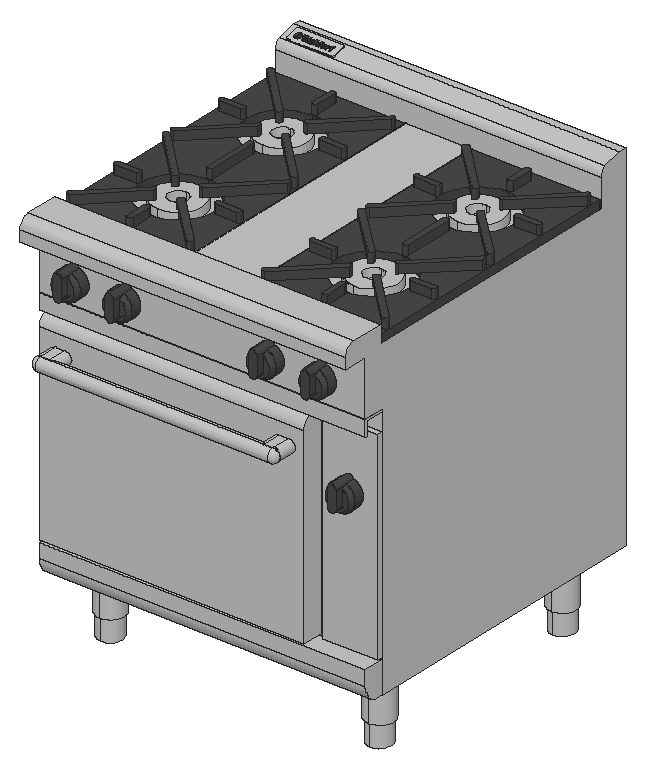
Revit family "QF_MOFFAT WALDORF_RNL8510GC", category Specialty Equipment, Revit 2012 (continued)
Lines and regions (mm)
  symbolic lines
    curve 162: arc (327.576, -583.037, 0) -> (319.576, -591.037, 0) -> (327.576, -599.037, 0) r 8
    curve 163: arc (375, -599.037, 0) -> (383, -591.037, 0) -> (375, -583.037, 0) r 8
    curve 164: arc (375, -583.037, 0) -> (367, -591.037, 0) -> (375, -599.037, 0) r 8
    curve 165: arc (422.424, -599.037, 0) -> (430.424, -591.037, 0) -> (422.424, -583.037, 0) r 8
    curve 166: arc (422.424, -583.037, 0) -> (414.424, -591.037, 0) -> (422.424, -599.037, 0) r 8
    curve 167: arc (327.576, -633.037, 0) -> (335.576, -625.037, 0) -> (327.576, -617.037, 0) r 8
    curve 168: arc (327.576, -617.037, 0) -> (319.576, -625.037, 0) -> (327.576, -633.037, 0) r 8
    curve 169: arc (375, -633.037, 0) -> (383, -625.037, 0) -> (375, -617.037, 0) r 8
    curve 170: arc (375, -617.037, 0) -> (367, -625.037, 0) -> (375, -633.037, 0) r 8
    curve 171: arc (422.424, -633.037, 0) -> (430.424, -625.037, 0) -> (422.424, -617.037, 0) r 8
    curve 172: arc (422.424, -617.037, 0) -> (414.424, -625.037, 0) -> (422.424, -633.037, 0) r 8
    curve 173: arc (327.576, -667.037, 0) -> (335.576, -659.037, 0) -> (327.576, -651.037, 0) r 8
    curve 174: arc (327.576, -651.037, 0) -> (319.576, -659.037, 0) -> (327.576, -667.037, 0) r 8
    curve 175: arc (375, -667.037, 0) -> (383, -659.037, 0) -> (375, -651.037, 0) r 8
    curve 176: arc (375, -651.037, 0) -> (367, -659.037, 0) -> (375, -667.037, 0) r 8
    curve 177: arc (422.424, -667.037, 0) -> (430.424, -659.037, 0) -> (422.424, -651.037, 0) r 8
    curve 178: arc (422.424, -651.037, 0) -> (414.424, -659.037, 0) -> (422.424, -667.037, 0) r 8
    curve 179: arc (600, -180.5, 0) -> (657, -237.5, 0) -> (600, -294.5, 0) r 57
    curve 180: arc (600, -294.5, 0) -> (543, -237.5, 0) -> (600, -180.5, 0) r 57
    curve 181: arc (600, -480.5, 0) -> (657, -537.5, 0) -> (600, -594.5, 0) r 57
    curve 182: arc (600, -594.5, 0) -> (543, -537.5, 0) -> (600, -480.5, 0) r 57
    curve 183: line (744.158, -93.966, 0) -> (628.964, -209.16, 0)
    curve 184: line (599.967, -91.33, 0) -> (599.967, -152.5, 0)
    curve 185: line (745.74, -237.366, 0) -> (685.74, -237.366, 0)
    curve 186: line (628.879, -265.113, 0) -> (743.415, -379.648, 0)
    curve 187: line (572.204, -265.64, 0) -> (462.603, -375.241, 0)
    curve 188: line (573.212, -209.684, 0) -> (463.528, -100, 0)
    curve 189: line (744.158, -681.034, 0) -> (628.964, -565.84, 0)
    curve 190: line (600.012, -683.67, 0) -> (600.012, -622.768, 0)
    curve 191: line (745.74, -537.634, 0) -> (685.74, -537.634, 0)
    curve 192: line (628.879, -509.887, 0) -> (743.415, -395.352, 0)
    curve 193: line (572.204, -509.36, 0) -> (465.344, -402.5, 0)
    curve 194: line (600.012, -452.768, 0) -> (600.012, -334.397, 0)
    curve 195: line (573.212, -565.316, 0) -> (463.611, -674.918, 0)
    curve 196: line (750, -387.5, 0) -> (450, -387.5, 0)
    curve 197: line (454.26, -237.366, 0) -> (514.26, -237.366, 0)
    curve 198: line (454.26, -537.634, 0) -> (514.26, -537.634, 0)
    curve 199: line (295.74, -237.366, 0) -> (235.74, -237.366, 0)
    curve 200: line (295.74, -537.634, 0) -> (235.74, -537.634, 0)
    curve 201: line (474.555, -20.984, 0) -> (454.555, -20.984, 0)
    curve 202: line (454.555, -20.984, 0) -> (454.555, -50.782, 0)
    curve 203: line (454.555, -50.782, 0) -> (474.555, -50.782, 0)
    curve 204: line (474.555, -50.782, 0) -> (474.555, -20.984, 0)
    curve 205: line (502.184, -20.984, 0) -> (482.184, -20.984, 0)
    curve 206: line (482.184, -20.984, 0) -> (482.184, -50.782, 0)
    curve 207: line (482.184, -50.782, 0) -> (502.184, -50.782, 0)
    curve 208: line (502.184, -50.782, 0) -> (502.184, -20.984, 0)
    curve 209: line (529.599, -20.984, 0) -> (509.599, -20.984, 0)
    curve 210: line (509.599, -20.984, 0) -> (509.599, -50.782, 0)
    curve 211: line (509.599, -50.782, 0) -> (529.599, -50.782, 0)
    curve 212: line (529.599, -50.782, 0) -> (529.599, -20.984, 0)
    curve 213: line (557.014, -20.984, 0) -> (537.014, -20.984, 0)
    curve 214: line (537.014, -20.984, 0) -> (537.014, -50.782, 0)
    curve 215: line (537.014, -50.782, 0) -> (557.014, -50.782, 0)
    curve 216: line (557.014, -50.782, 0) -> (557.014, -20.984, 0)
    curve 217: line (584.429, -20.984, 0) -> (564.429, -20.984, 0)
    curve 218: line (564.429, -20.984, 0) -> (564.429, -50.782, 0)
    curve 219: line (564.429, -50.782, 0) -> (584.429, -50.782, 0)
    curve 220: line (584.429, -50.782, 0) -> (584.429, -20.984, 0)
    curve 221: line (611.843, -20.984, 0) -> (591.843, -20.984, 0)
    curve 222: line (591.843, -20.984, 0) -> (591.843, -50.782, 0)
    curve 223: line (591.843, -50.782, 0) -> (611.843, -50.782, 0)
    curve 224: line (611.843, -50.782, 0) -> (611.843, -20.984, 0)
    curve 225: line (300, -70, 0) -> (300, -704, 0)
    curve 226: line (450, -74, 0) -> (450, -701, 0)
    curve 230: arc (150.033, -152.5, 0) -> (235.033, -237.5, 0) -> (150.033, -322.5, 0) r 85
    curve 231: arc (150.033, -322.5, 0) -> (65.033, -237.5, 0) -> (150.033, -152.5, 0) r 85
    curve 232: arc (149.988, -452.768, 0) -> (234.988, -537.768, 0) -> (149.988, -622.768, 0) r 85
    curve 233: arc (149.988, -622.768, 0) -> (64.988, -537.768, 0) -> (149.988, -452.768, 0) r 85
    curve 234: arc (599.967, -322.5, 0) -> (514.967, -237.5, 0) -> (599.967, -152.5, 0) r 85
    curve 235: arc (599.967, -152.5, 0) -> (684.967, -237.5, 0) -> (599.967, -322.5, 0) r 85
    curve 236: arc (600.012, -622.768, 0) -> (515.012, -537.768, 0) -> (600.012, -452.768, 0) r 85
    curve 237: arc (600.012, -452.768, 0) -> (685.012, -537.768, 0) -> (600.012, -622.768, 0) r 85
    curve 238: arc (150, -215.5, 150) -> (172, -237.5, 150) -> (150, -259.5, 150) r 22
    curve 239: arc (150, -259.5, 150) -> (128, -237.5, 150) -> (150, -215.5, 150) r 22
    curve 240: arc (150, -515.5, 150) -> (172, -537.5, 150) -> (150, -559.5, 150) r 22
    curve 241: arc (150, -559.5, 150) -> (128, -537.5, 150) -> (150, -515.5, 150) r 22
    curve 242: arc (600, -559.5, 150) -> (578, -537.5, 150) -> (600, -515.5, 150) r 22
    curve 243: arc (600, -515.5, 150) -> (622, -537.5, 150) -> (600, -559.5, 150) r 22
    curve 244: arc (600, -259.5, 150) -> (578, -237.5, 150) -> (600, -215.5, 150) r 22
    curve 245: arc (600, -215.5, 150) -> (622, -237.5, 150) -> (600, -259.5, 150) r 22
  symbolic lines, visible <- "Show Logo"
    curve 5: line (12.5, -51.234, 0) -> (12.5, -20.958, 0)
    curve 6: line (12.5, -20.958, 0) -> (121.5, -20.958, 0)
    curve 7: line (12.5, -51.234, 0) -> (121.5, -51.234, 0)
    curve 8: line (121.5, -20.958, 0) -> (121.5, -51.234, 0)
  symbolic lines, style "QF_Door-Drawer Clearances", visible <- "Show Clearance"
    curve 227: line (0, -805, 0) -> (0, -1211.516, 0)
    curve 228: line (0, -1211.516, 0) -> (609, -1211.516, 0)
    curve 229: line (609, -1211.516, 0) -> (609, -805, 0)
Dimensions and locks
  equal spacing: plane 3 "LEFT", plane 7 "Center Y", plane 4 "RIGHT"
  plane 3 "LEFT" to plane 4 "RIGHT" = 750 mm
  equal spacing: plane 5 "FRONT", plane 8 "Center X", plane 1 "BACK"
  plane 5 "FRONT" to plane 1 "BACK" = 805 mm  (x2)
  equal spacing: plane 4 "RIGHT", plane 7 "Center Y", plane 3 "LEFT"
  plane 4 "RIGHT" to plane 3 "LEFT" = 750 mm
  plane 6 "TOP" to level = 970 mm  (x2)
  Extrusion 2 to level = 655 mm
  Extrusion 2 to plane 1 "BACK" = 32 mm
  Extrusion 1 to level = 915 mm
  plane 10 "Base Height" to level = 150 mm
  plane 6 "TOP" to plane 2 = 970 mm
  locked: plane 2 to Extrusion 1 sketch curve at 875
  locked: plane 2 to Extrusion 1 sketch curve at 915
  Extrusion 4 sketch curve to plane 11 = 64.8 mm
  locked: plane 13 to plane 4 "RIGHT" at 65
  plane 14 to Extrusion 8 sketch curve = 64.8 mm
  plane 1 "BACK" to plane 15 = 500 mm
  aligned and locked: level to plane 2
  aligned and locked: curve 3 to plane 4 "RIGHT"
  aligned and locked: Extrusion 1 to plane 4 "RIGHT"
  aligned and locked: Revolve 5 to plane 13
  aligned and locked: Extrusion 6 to Extrusion 4
Automatic sketch dimensions
  curve 30 to curve 31 = 0 mm  (x2)
  curve 32 to curve 33 = 0 mm  (x2)
  curve 77 to curve 78 = 0 mm  (x2)
  curve 79 to curve 80 = 0 mm  (x2)
  curve 81 to curve 82 = 0 mm  (x2)
  curve 83 to curve 84 = 0 mm  (x2)
  curve 85 to curve 86 = 0 mm  (x2)
  curve 87 to curve 88 = 0 mm  (x2)
  curve 89 to curve 90 = 0 mm  (x2)
  curve 91 to curve 92 = 0 mm  (x2)
  curve 93 to curve 94 = 0 mm  (x2)
  curve 95 to curve 96 = 0 mm  (x2)
  curve 97 to curve 98 = 0 mm  (x2)
  curve 99 to curve 100 = 0 mm  (x2)
  curve 101 to curve 102 = 0 mm  (x2)
  curve 103 to curve 104 = 0 mm  (x2)
  curve 105 to curve 106 = 0 mm  (x2)
  curve 107 to curve 108 = 0 mm  (x2)
  curve 109 to curve 110 = 0 mm  (x2)
  curve 111 to curve 112 = 0 mm  (x2)
  curve 113 to curve 114 = 0 mm  (x2)
  curve 115 to curve 116 = 0 mm  (x2)
  curve 117 to curve 118 = 0 mm  (x2)
  curve 119 to curve 120 = 0 mm  (x2)
  curve 121 to curve 122 = 0 mm  (x2)
  curve 123 to curve 124 = 0 mm  (x2)
  curve 125 to curve 126 = 0 mm  (x2)
  curve 127 to curve 128 = 0 mm  (x2)
  curve 129 to curve 130 = 0 mm  (x2)
  curve 131 to curve 132 = 0 mm  (x2)
  curve 133 to curve 134 = 0 mm  (x2)
  curve 135 to curve 136 = 0 mm  (x2)
  curve 137 to curve 138 = 0 mm  (x2)
  curve 139 to curve 140 = 0 mm  (x2)
  curve 141 to curve 142 = 0 mm  (x2)
  curve 143 to curve 144 = 0 mm  (x2)
  curve 145 to curve 146 = 0 mm  (x2)
  curve 147 to curve 148 = 0 mm  (x2)
  curve 149 to curve 150 = 0 mm  (x2)
  curve 151 to curve 152 = 0 mm  (x2)
  curve 153 to curve 154 = 0 mm  (x2)
  curve 155 to curve 156 = 0 mm  (x2)
  curve 157 to curve 158 = 0 mm  (x2)
  curve 159 to curve 160 = 0 mm  (x2)
  curve 161 to curve 162 = 0 mm  (x2)
  curve 163 to curve 164 = 0 mm  (x2)
  curve 165 to curve 166 = 0 mm  (x2)
  curve 167 to curve 168 = 0 mm  (x2)
  curve 169 to curve 170 = 0 mm  (x2)
  curve 171 to curve 172 = 0 mm  (x2)
  curve 173 to curve 174 = 0 mm  (x2)
  curve 175 to curve 176 = 0 mm  (x2)
  curve 177 to curve 178 = 0 mm  (x2)
  curve 179 to curve 180 = 0 mm  (x2)
  curve 181 to curve 182 = 0 mm  (x2)
  curve 230 to curve 231 = 0 mm  (x2)
  curve 232 to curve 233 = 0 mm  (x2)
  curve 234 to curve 235 = 0 mm  (x2)
  curve 236 to curve 237 = 0 mm  (x2)
  plane 1 "BACK" to curve 1 = 0 mm
  curve 1 to plane 3 "LEFT" = 0 mm
  curve 44 to plane 8 "Center X" = 0 mm
  curve 39 to plane 9 = 0 mm
  curve 109 to plane 7 "Center Y" = 0 mm
  curve 158 to plane 7 "Center Y" = 0 mm
  curve 103 to plane 7 "Center Y" = 0 mm
  curve 163 to plane 7 "Center Y" = 0 mm
  curve 115 to plane 7 "Center Y" = 0 mm
  curve 98 to plane 7 "Center Y" = 0 mm
  curve 92 to plane 7 "Center Y" = 0 mm
  curve 121 to plane 7 "Center Y" = 0 mm
  curve 152 to plane 7 "Center Y" = 0 mm
  curve 169 to plane 7 "Center Y" = 0 mm
  curve 127 to plane 7 "Center Y" = 0 mm
  curve 86 to plane 7 "Center Y" = 0 mm
  curve 80 to plane 7 "Center Y" = 0 mm
  curve 133 to plane 7 "Center Y" = 0 mm
  curve 146 to plane 7 "Center Y" = 0 mm
  curve 175 to plane 7 "Center Y" = 0 mm
  curve 139 to plane 7 "Center Y" = 0 mm
  curve 188 to plane 9 = 0 mm
  curve 193 to plane 8 "Center X" = 0 mm
  plane 5 "FRONT" to curve 229 = 0 mm
  plane 3 "LEFT" to curve 36 = 4.26 mm
  plane 3 "LEFT" to curve 42 = 4.26 mm
  plane 3 "LEFT" to curve 34 = 5.842 mm
  plane 3 "LEFT" to curve 40 = 5.842 mm
  plane 3 "LEFT" to curve 43 = 6.585 mm
  plane 3 "LEFT" to curve 37 = 6.585 mm
  plane 3 "LEFT" to curve 7 = 12.5 mm
  curve 42 to curve 42 = 60 mm
  curve 36 to curve 36 = 60 mm
  curve 36 to curve 34 = 56.776 mm
  curve 40 to plane 17 = 59.16 mm
  curve 42 to curve 40 = 56.776 mm
  curve 43 to plane 15 = 9.887 mm
  curve 40 to curve 43 = 0.085 mm
  curve 34 to curve 37 = 0.085 mm
  plane 9 to curve 8 = 48.766 mm
  curve 5 to curve 8 = 109 mm
  curve 7 to curve 10 = 6.5 mm
  curve 10 to curve 13 = 20 mm
  curve 41 to plane 17 = 2.232 mm
  curve 40 to curve 41 = 28.952 mm
  curve 45 to curve 33 = 0.012 mm
  curve 34 to curve 31 = 28.964 mm
  curve 31 to curve 231 = 0.033 mm
  curve 12 to curve 17 = 6.789 mm
  curve 14 to curve 15 = 20 mm
  curve 231 to curve 39 = 26.755 mm
  curve 46 to plane 17 = 59.684 mm
  curve 233 to curve 46 = 26.8 mm
  curve 231 to curve 38 = 27.763 mm
  curve 44 to plane 15 = 9.36 mm
  curve 32 to curve 44 = 27.796 mm
  curve 15 to curve 18 = 7.678 mm
  curve 20 to curve 20 = 20 mm
  curve 19 to curve 23 = 6.624 mm
  curve 23 to curve 25 = 20 mm
  curve 24 to curve 27 = 6.624 mm
  curve 44 to curve 200 = 57.944 mm
  curve 38 to curve 199 = 57.944 mm
  curve 27 to curve 29 = 20 mm
  curve 28 to curve 51 = 6.936 mm
  curve 49 to curve 49 = 20 mm
  curve 44 to plane 7 "Center Y" = 90.344 mm
  curve 46 to plane 7 "Center Y" = 88.611 mm
  curve 51 to curve 39 = 3.82 mm
  plane 8 "Center X" to curve 38 = 27.259 mm
  curve 44 to curve 38 = 2.741 mm
  curve 49 to curve 53 = 7.415 mm
  curve 199 to curve 199 = 60 mm
  curve 200 to curve 200 = 60 mm
  curve 38 to curve 48 = 12.603 mm
  curve 54 to curve 55 = 20 mm
  curve 53 to curve 57 = 7.415 mm
  plane 15 to curve 144 = 10.963 mm
  curve 144 to curve 145 = 47.424 mm
  curve 161 to curve 163 = 47.424 mm
  curve 107 to curve 109 = 47.424 mm
  curve 138 to curve 143 = 0 mm
  curve 77 to plane 9 = 15.037 mm
  curve 39 to curve 77 = 41.104 mm
  curve 149 to curve 143 = 0 mm
  curve 132 to curve 137 = 0 mm
  curve 46 to curve 174 = 41.187 mm
  curve 83 to curve 77 = 0 mm
  plane 8 "Center X" to curve 126 = 7.463 mm
  curve 126 to curve 131 = 0 mm
  curve 89 to curve 83 = 0 mm
  curve 120 to curve 125 = 0 mm
  plane 17 to curve 168 = 8.037 mm
  curve 168 to curve 173 = 0 mm
  curve 95 to curve 89 = 0 mm
  curve 155 to curve 161 = 0 mm
  curve 114 to curve 119 = 0 mm
  curve 101 to curve 95 = 0 mm
  curve 58 to curve 59 = 20 mm
  curve 57 to curve 62 = 7.415 mm
  curve 63 to plane 7 "Center Y" = 10.104 mm
  curve 65 to plane 7 "Center Y" = 2.689 mm
  plane 7 "Center Y" to curve 65 = 17.311 mm
  curve 65 to curve 70 = 7.415 mm
  curve 70 to curve 71 = 20 mm
  plane 15 to curve 147 = 2.963 mm
  plane 7 "Center Y" to curve 147 = 47.424 mm
  curve 135 to plane 8 "Center X" = 18.537 mm
  plane 7 "Center Y" to curve 135 = 47.424 mm
  plane 8 "Center X" to curve 130 = 7.463 mm
  curve 130 to curve 135 = 0 mm
  curve 124 to curve 129 = 0 mm
  curve 153 to curve 147 = 0 mm
  curve 118 to curve 123 = 0 mm
  curve 112 to curve 117 = 0 mm
  curve 159 to curve 153 = 0 mm
  curve 106 to curve 111 = 0 mm
  curve 100 to curve 105 = 0 mm
  curve 165 to curve 159 = 0 mm
  curve 94 to curve 99 = 0 mm
  curve 88 to curve 93 = 0 mm
  plane 17 to curve 171 = 0.037 mm
  curve 171 to curve 165 = 0 mm
  curve 82 to curve 87 = 0 mm
  curve 141 to curve 147 = 0 mm
  curve 177 to curve 171 = 0 mm
  curve 71 to curve 74 = 7.415 mm
  curve 74 to curve 76 = 20 mm
  curve 129 to curve 196 = 27.576 mm
  curve 153 to curve 198 = 31.836 mm
  curve 105 to curve 197 = 31.836 mm
  curve 75 to curve 202 = 7.415 mm
  plane 8 "Center X" to curve 187 = 27.259 mm
  curve 196 to curve 187 = 12.603 mm
  curve 226 to curve 188 = 13.528 mm
  curve 226 to curve 195 = 13.611 mm
  curve 196 to curve 193 = 15.344 mm
  curve 201 to curve 201 = 20 mm
  curve 201 to curve 205 = 7.629 mm
  curve 206 to curve 207 = 20 mm
  curve 207 to curve 211 = 7.415 mm
  curve 197 to curve 197 = 60 mm
  curve 198 to curve 198 = 60 mm
  curve 209 to curve 212 = 20 mm
  curve 209 to curve 213 = 7.415 mm
  curve 213 to curve 216 = 20 mm
  curve 215 to curve 219 = 7.415 mm
  curve 187 to plane 12 = 47.796 mm
  curve 193 to plane 15 = 9.36 mm
  curve 193 to plane 12 = 47.796 mm
  curve 188 to plane 12 = 46.788 mm
  curve 195 to plane 12 = 46.788 mm
  curve 217 to curve 217 = 20 mm
  curve 219 to curve 223 = 7.415 mm
  curve 229 to plane 12 = 11 mm
  curve 234 to plane 12 = 20.033 mm
  curve 180 to plane 12 = 20 mm
  curve 182 to plane 12 = 20 mm
  curve 237 to plane 17 = 2.232 mm
  curve 237 to plane 12 = 19.988 mm
  curve 224 to plane 12 = 8.157 mm
  plane 12 to curve 192 = 8.879 mm
  plane 12 to curve 186 = 8.879 mm
  plane 12 to curve 189 = 8.964 mm
  plane 12 to curve 183 = 8.964 mm
  curve 191 to plane 13 = 0.74 mm
  curve 185 to plane 13 = 0.74 mm
  plane 4 "RIGHT" to curve 186 = 6.585 mm
  plane 4 "RIGHT" to curve 192 = 6.585 mm
  plane 4 "RIGHT" to curve 183 = 5.842 mm
  plane 4 "RIGHT" to curve 189 = 5.842 mm
  plane 4 "RIGHT" to curve 191 = 4.26 mm
  plane 4 "RIGHT" to curve 185 = 4.26 mm
  curve 227 to curve 1 = 406.516 mm
  plane 17 to curve 9 = 80 mm
  curve 225 to curve 167 = 70.963 mm
  plane 17 to curve 226 = 76 mm
  plane 17 to curve 190 = 58.67 mm
  plane 17 to curve 41 = 58.67 mm
  curve 9 to curve 189 = 23.966 mm
  curve 9 to curve 40 = 23.966 mm
  curve 225 to curve 46 = 29.082 mm
  curve 226 to curve 195 = 26.082 mm
  plane 17 to curve 175 = 42.037 mm
  curve 173 to curve 167 = 34 mm
  curve 195 to curve 177 = 7.88 mm
  curve 175 to curve 176 = 8 mm
  curve 173 to curve 173 = 8 mm
  curve 177 to curve 178 = 8 mm
  plane 17 to curve 170 = 8.037 mm
  curve 171 to curve 171 = 8 mm
  plane 17 to curve 170 = 0.037 mm
  plane 17 to curve 167 = 0.037 mm
  curve 171 to curve 165 = 18 mm
  curve 169 to curve 163 = 18 mm
  curve 167 to curve 162 = 18 mm
  curve 41 to curve 33 = 28.268 mm
  curve 190 to curve 182 = 28.268 mm
  curve 165 to curve 165 = 8 mm
  curve 163 to curve 163 = 8 mm
  curve 161 to curve 162 = 8 mm
  curve 181 to curve 189 = 28.66 mm
  curve 182 to curve 195 = 29.184 mm
  curve 163 to curve 158 = 18 mm
  curve 161 to curve 155 = 18 mm
  curve 165 to curve 160 = 18 mm
  curve 159 to curve 160 = 8 mm
  curve 157 to curve 157 = 8 mm
  curve 155 to curve 156 = 8 mm
  curve 237 to plane 15 = 37.768 mm
  curve 233 to plane 15 = 37.768 mm
  curve 191 to plane 15 = 37.634 mm
  curve 200 to plane 15 = 37.634 mm
  curve 198 to plane 15 = 37.634 mm
  curve 42 to plane 15 = 37.634 mm
  curve 237 to curve 182 = 0.268 mm
  curve 233 to curve 32 = 0.268 mm
  curve 159 to curve 153 = 18 mm
  curve 155 to curve 149 = 18 mm
  curve 157 to curve 152 = 18 mm
  curve 153 to curve 154 = 8 mm
  curve 151 to curve 151 = 8 mm
  curve 149 to curve 150 = 8 mm
  curve 192 to plane 15 = 9.887 mm
  plane 15 to curve 145 = 2.963 mm
  plane 15 to curve 143 = 2.963 mm
  curve 145 to curve 145 = 8 mm
  curve 147 to curve 148 = 8 mm
  curve 147 to curve 142 = 18 mm
  curve 145 to curve 139 = 18 mm
  curve 143 to curve 138 = 18 mm
  curve 141 to curve 142 = 8 mm
  curve 137 to curve 138 = 8 mm
  curve 139 to curve 140 = 8 mm
  curve 137 to curve 132 = 18 mm
  curve 139 to curve 134 = 18 mm
  curve 136 to curve 135 = 8 mm
  curve 133 to curve 134 = 8 mm
  curve 131 to curve 131 = 8 mm
  plane 8 "Center X" to curve 192 = 7.148 mm
  plane 8 "Center X" to curve 43 = 7.148 mm
  plane 8 "Center X" to curve 128 = 7.463 mm
  curve 192 to curve 196 = 7.852 mm
  plane 8 "Center X" to curve 48 = 15 mm
  curve 129 to curve 130 = 8 mm
  curve 127 to curve 128 = 8 mm
  curve 125 to curve 125 = 8 mm
  curve 48 to curve 37 = 7.852 mm
  curve 196 to curve 186 = 7.852 mm
  curve 129 to curve 124 = 18 mm
  curve 125 to curve 119 = 18 mm
  curve 127 to curve 122 = 18 mm
  curve 123 to curve 124 = 8 mm
  curve 121 to curve 122 = 8 mm
  curve 119 to curve 120 = 8 mm
  plane 8 "Center X" to curve 45 = 68.103 mm
  plane 8 "Center X" to curve 194 = 68.103 mm
  curve 121 to curve 115 = 18 mm
  curve 119 to curve 113 = 18 mm
  curve 123 to curve 118 = 18 mm
  curve 45 to curve 231 = 11.897 mm
  curve 194 to curve 235 = 11.897 mm
  curve 117 to curve 118 = 8 mm
  curve 113 to curve 114 = 8 mm
  curve 115 to curve 115 = 8 mm
  curve 234 to curve 179 = 28 mm
  curve 230 to curve 31 = 28 mm
  curve 117 to curve 112 = 18 mm
  curve 113 to curve 108 = 18 mm
  curve 115 to curve 110 = 18 mm
  curve 109 to curve 109 = 8 mm
  curve 111 to curve 112 = 8 mm
  curve 107 to curve 108 = 8 mm
  curve 180 to curve 187 = 28.86 mm
  curve 31 to curve 38 = 28.86 mm
  curve 179 to curve 186 = 29.387 mm
  curve 31 to curve 37 = 29.387 mm
  curve 111 to curve 106 = 18 mm
  curve 107 to curve 101 = 18 mm
  curve 109 to curve 103 = 18 mm
  curve 101 to curve 102 = 8 mm
  curve 103 to curve 103 = 8 mm
  curve 105 to curve 106 = 8 mm
  curve 38 to curve 230 = 28.14 mm
  curve 187 to curve 234 = 28.14 mm
  curve 230 to curve 30 = 0 mm
  curve 235 to curve 179 = 0 mm
  curve 37 to curve 36 = 27.747 mm
  curve 101 to curve 199 = 5.671 mm
  curve 186 to curve 185 = 27.747 mm
  curve 105 to curve 197 = 5.671 mm
  curve 103 to curve 97 = 18 mm
  curve 105 to curve 99 = 18 mm
  curve 101 to curve 96 = 18 mm
  curve 99 to curve 100 = 8 mm
  curve 95 to curve 95 = 8 mm
  curve 97 to curve 98 = 8 mm
  curve 234 to curve 188 = 27.816 mm
  curve 231 to curve 39 = 27.816 mm
  curve 31 to curve 34 = 28.34 mm
  curve 180 to curve 183 = 28.34 mm
  curve 97 to curve 91 = 18 mm
  curve 99 to curve 93 = 18 mm
  curve 95 to curve 89 = 18 mm
  curve 91 to curve 91 = 8 mm
  curve 89 to curve 90 = 8 mm
  curve 93 to curve 94 = 8 mm
  curve 93 to curve 87 = 18 mm
  curve 91 to curve 85 = 18 mm
  curve 89 to curve 83 = 18 mm
  curve 85 to curve 85 = 8 mm
  curve 83 to curve 84 = 8 mm
  curve 87 to curve 87 = 8 mm
  curve 85 to curve 79 = 18 mm
  curve 87 to curve 82 = 18 mm
  curve 77 to curve 77 = 8 mm
  curve 81 to curve 81 = 8 mm
  curve 79 to curve 79 = 8 mm
  plane 9 to curve 34 = 6.034 mm
  plane 9 to curve 183 = 6.034 mm
  plane 9 to curve 35 = 8.67 mm
  plane 9 to curve 184 = 8.67 mm
  plane 9 to curve 226 = 26 mm
  curve 47 to curve 5 = 18.766 mm
  curve 184 to curve 219 = 40.547 mm
  curve 219 to curve 222 = 0 mm
  curve 225 to curve 50 = 19.218 mm
  curve 51 to curve 54 = 0 mm
  curve 7 to curve 13 = 0.452 mm
  curve 55 to curve 58 = 0 mm
  curve 29 to curve 50 = 0 mm
  curve 59 to curve 62 = 0 mm
  curve 216 to curve 218 = 0 mm
  curve 25 to curve 27 = 0 mm
  curve 63 to curve 66 = 0 mm
  curve 67 to curve 70 = 0 mm
  curve 212 to curve 214 = 0 mm
  curve 21 to curve 23 = 0 mm
  curve 208 to curve 210 = 0 mm
  curve 71 to curve 74 = 0 mm
  curve 12 to curve 17 = 0 mm
  curve 204 to curve 206 = 0 mm
  plane 1 "BACK" to curve 202 = 20.984 mm
  plane 1 "BACK" to curve 14 = 20.984 mm
  plane 1 "BACK" to curve 205 = 20.984 mm
  curve 15 to curve 18 = 0 mm
  plane 1 "BACK" to curve 209 = 20.984 mm
  plane 1 "BACK" to curve 22 = 20.984 mm
  plane 1 "BACK" to curve 213 = 20.984 mm
  plane 1 "BACK" to curve 26 = 20.984 mm
  plane 1 "BACK" to curve 217 = 20.984 mm
  plane 1 "BACK" to curve 49 = 20.984 mm
  plane 1 "BACK" to curve 221 = 20.984 mm
  plane 1 "BACK" to curve 53 = 20.984 mm
  plane 1 "BACK" to curve 57 = 20.984 mm
  curve 12 to curve 14 = 0 mm
  plane 1 "BACK" to curve 61 = 20.984 mm
  plane 1 "BACK" to curve 65 = 20.984 mm
  curve 76 to curve 201 = 0 mm
  curve 69 to curve 73 = 0 mm
  curve 10 to curve 6 = 0.026 mm
  Extrusion 1 sketch curve to plane 5 "FRONT" = 0 mm
  Extrusion 1 sketch curve to plane 10 "Base Height" = 0 mm  (x2)
  Extrusion 1 sketch curve to plane 6 "TOP" = 0 mm
  Extrusion 1 sketch curve to plane 1 "BACK" = 0 mm
  Extrusion 1 sketch curve to plane 5 "FRONT" = 24 mm
  Extrusion 1 sketch curve to plane 5 "FRONT" = 56 mm  (x2)
  Extrusion 1 sketch curve to Extrusion 1 sketch curve = 0 mm  (x2)
  Extrusion 1 sketch curve to Extrusion 1 sketch curve = 3.02 mm
  Extrusion 1 sketch curve to Extrusion 1 sketch curve = 23.174 mm
  Extrusion 1 sketch curve to Extrusion 1 sketch curve = 38 mm
  Extrusion 1 sketch curve to Extrusion 1 sketch curve = 44 mm
  Extrusion 1 sketch curve to Extrusion 1 sketch curve = 10 mm
  Extrusion 1 sketch curve to Extrusion 1 sketch curve = 44.98 mm
  Extrusion 1 sketch curve to Extrusion 1 sketch curve = 21.805 mm
  Extrusion 1 sketch curve to Extrusion 1 sketch curve = 2 mm  (x2)
  plane 9 to Extrusion 1 sketch curve = 30 mm
  Extrusion 1 sketch curve to plane 6 "TOP" = 11.31 mm
  Extrusion 1 sketch curve to Extrusion 1 sketch curve = 11.291 mm  (x2)
  plane 1 "BACK" to Extrusion 1 sketch curve = 16.5 mm
  Extrusion 1 sketch curve to Extrusion 1 sketch curve = 34.5 mm
  Extrusion 1 sketch curve to Extrusion 1 sketch curve = 5 mm
  plane 18 to Extrusion 1 sketch curve = 121.695 mm
  Extrusion 1 sketch curve to Extrusion 1 sketch curve = 10.5 mm
  Extrusion 1 sketch curve to Extrusion 1 sketch curve = 42.5 mm
  Extrusion 1 sketch curve to Extrusion 1 sketch curve = 3 mm
  Extrusion 1 sketch curve to Extrusion 1 sketch curve = 25 mm
  plane 12 to Extrusion 2 sketch curve = 0.062 mm
  plane 1 "BACK" to Extrusion 2 sketch curve = 32 mm
  Extrusion 1 to Split face 1 sketch curve = 5.177 mm
  Split face 1 sketch curve to Extrusion 1 = 9.153 mm
  Split face 1 sketch curve to Extrusion 1 = 128 mm
  Split face 1 sketch curve to Split face 1 sketch curve = 20 mm
  Extrusion 1 to Split face 2 sketch curve = 5.177 mm
  Split face 2 sketch curve to Extrusion 1 = 9.153 mm
  Split face 2 sketch curve to Extrusion 1 = 154.789 mm
  Split face 2 sketch curve to Split face 2 sketch curve = 20 mm
  Extrusion 1 to Split face 3 sketch curve = 5.177 mm
  Split face 3 sketch curve to Extrusion 1 = 9.153 mm
  Split face 3 sketch curve to Extrusion 1 = 182.467 mm
  Split face 3 sketch curve to Split face 3 sketch curve = 20 mm
  Extrusion 1 to Split face 4 sketch curve = 5.177 mm
  Split face 4 sketch curve to Extrusion 1 = 9.153 mm
  Split face 4 sketch curve to Extrusion 1 = 209.091 mm
  Split face 4 sketch curve to Split face 4 sketch curve = 20 mm
  Extrusion 1 to Split face 5 sketch curve = 5.177 mm
  Split face 5 sketch curve to Extrusion 1 = 9.153 mm
  Split face 5 sketch curve to Extrusion 1 = 235.715 mm
  Split face 5 sketch curve to Split face 5 sketch curve = 20 mm
  Extrusion 1 to Split face 6 sketch curve = 5.177 mm
  Split face 6 sketch curve to Extrusion 1 = 9.153 mm
  Split face 6 sketch curve to Extrusion 1 = 262.866 mm
  Split face 6 sketch curve to Split face 6 sketch curve = 20 mm
  Extrusion 1 to Split face 7 sketch curve = 5.177 mm
  Split face 7 sketch curve to Extrusion 1 = 9.153 mm
  Split face 7 sketch curve to Extrusion 1 = 290.281 mm
  Split face 7 sketch curve to Split face 7 sketch curve = 20 mm
  Revolve 3 sketch curve to plane 10 "Base Height" = 0 mm
  Revolve 3 sketch curve to level = 0 mm
  Revolve 3 sketch curve to plane 9 = 0 mm  (x2)
  Revolve 3 sketch curve to Revolve 3 sketch curve = 27.5 mm
  Revolve 3 sketch curve to Revolve 3 sketch curve = 31.75 mm
  Revolve 3 sketch curve to Revolve 3 sketch curve = 55 mm
  level to Revolve 3 sketch curve = 50 mm
  Revolve 3 sketch curve to Revolve 3 sketch curve = 0 mm
  plane 9 to Extrusion 4 sketch curve = 29 mm
  Extrusion 4 sketch curve to Extrusion 4 sketch curve = 3 mm  (x3)
  Extrusion 4 sketch curve to plane 9 = 137.5 mm
  Extrusion 4 sketch curve to plane 15 = 37.768 mm
  plane 17 to Extrusion 4 sketch curve = 76 mm  (x2)
  Extrusion 4 sketch curve to plane 11 = 84.2 mm  (x2)
  Extrusion 4 sketch curve to plane 7 "Center Y" = 78 mm
  Revolve 5 sketch curve to plane 10 "Base Height" = 0 mm
  Revolve 5 sketch curve to level = 0 mm
  Revolve 5 sketch curve to plane 9 = 0 mm  (x2)
  Revolve 5 sketch curve to Revolve 5 sketch curve = 27.5 mm
  Revolve 5 sketch curve to Revolve 5 sketch curve = 31.75 mm
  level to Revolve 5 sketch curve = 50 mm
  Revolve 5 sketch curve to Revolve 5 sketch curve = 0 mm
  Revolve 5 sketch curve to Revolve 5 sketch curve = 55 mm
  Extrusion 1 to Split face 8 sketch curve = 5.177 mm
  Split face 8 sketch curve to Extrusion 1 = 9.153 mm
  Split face 8 sketch curve to Extrusion 1 = 317.696 mm
  Split face 8 sketch curve to Split face 8 sketch curve = 20 mm
  Extrusion 1 to Split face 9 sketch curve = 5.177 mm
  Split face 9 sketch curve to Extrusion 1 = 9.153 mm
  Split face 9 sketch curve to Extrusion 1 = 345.11 mm
  Split face 9 sketch curve to Split face 9 sketch curve = 20 mm
  Extrusion 1 to Split face 10 sketch curve = 5.177 mm
  Split face 10 sketch curve to Extrusion 1 = 9.153 mm
  Split face 10 sketch curve to Extrusion 1 = 372.525 mm
  Split face 10 sketch curve to Split face 10 sketch curve = 20 mm
  Extrusion 1 to Split face 11 sketch curve = 5.177 mm
  Split face 11 sketch curve to Extrusion 1 = 9.153 mm
  Split face 11 sketch curve to Extrusion 1 = 350.06 mm
  Split face 11 sketch curve to Split face 11 sketch curve = 20 mm
  Extrusion 1 to Split face 12 sketch curve = 5.177 mm
  Split face 12 sketch curve to Extrusion 1 = 9.153 mm
  Split face 12 sketch curve to Extrusion 1 = 322.645 mm
  Split face 12 sketch curve to Split face 12 sketch curve = 20 mm
  Extrusion 1 to Split face 13 sketch curve = 5.177 mm
  Split face 13 sketch curve to Extrusion 1 = 9.153 mm
  Split face 13 sketch curve to Extrusion 1 = 295.23 mm
  Split face 13 sketch curve to Split face 13 sketch curve = 20 mm
  Extrusion 1 to Split face 14 sketch curve = 5.177 mm
  Split face 14 sketch curve to Extrusion 1 = 9.153 mm
  Split face 14 sketch curve to Extrusion 1 = 267.816 mm
  Split face 14 sketch curve to Split face 14 sketch curve = 20 mm
  Extrusion 1 to Split face 15 sketch curve = 5.177 mm
  Split face 15 sketch curve to Extrusion 1 = 9.153 mm
  Split face 15 sketch curve to Extrusion 1 = 240.401 mm
  Split face 15 sketch curve to Split face 15 sketch curve = 20 mm
  Extrusion 1 to Split face 16 sketch curve = 5.177 mm
  Split face 16 sketch curve to Extrusion 1 = 9.153 mm
  Split face 16 sketch curve to Extrusion 1 = 212.986 mm
  Split face 16 sketch curve to Split face 16 sketch curve = 20 mm
  Extrusion 1 to Split face 17 sketch curve = 5.177 mm
  Split face 17 sketch curve to Extrusion 1 = 9.153 mm
  Split face 17 sketch curve to Extrusion 1 = 185.571 mm
  Split face 17 sketch curve to Split face 17 sketch curve = 20 mm
  Extrusion 1 to Split face 18 sketch curve = 5.177 mm
  Split face 18 sketch curve to Extrusion 1 = 9.153 mm
  Split face 18 sketch curve to Extrusion 1 = 158.157 mm
  Split face 18 sketch curve to Split face 18 sketch curve = 20 mm
  Extrusion 1 to Extrusion 6 sketch curve = 0 mm
  Extrusion 6 sketch curve to Extrusion 1 = 1 mm
  Extrusion 1 to Extrusion 6 sketch curve = 300 mm
  Extrusion 6 sketch curve to Extrusion 6 sketch curve = 150 mm
  Extrusion 7 sketch curve to Extrusion 1 = 0 mm
  Extrusion 1 to Extrusion 7 sketch curve = 26.195 mm
  Extrusion 7 sketch curve to Extrusion 1 = 126 mm
  Extrusion 7 sketch curve to Extrusion 7 sketch curve = 15 mm
  Split face 19 sketch curve to Extrusion 6 = 45.037 mm
  Split face 19 sketch curve to Extrusion 6 = 27.576 mm
  Split face 20 sketch curve to Extrusion 6 = 45.037 mm
  Split face 20 sketch curve to Extrusion 6 = 75 mm
  Split face 21 sketch curve to Extrusion 6 = 45.037 mm
  Split face 21 sketch curve to Extrusion 6 = 27.576 mm
  Split face 22 sketch curve to Extrusion 6 = 27.576 mm
  Split face 22 sketch curve to Extrusion 6 = 79.037 mm
  Split face 23 sketch curve to Extrusion 6 = 79.037 mm
  Split face 23 sketch curve to Extrusion 6 = 75 mm
  Split face 24 sketch curve to Extrusion 6 = 27.576 mm
  Split face 24 sketch curve to Extrusion 6 = 79.037 mm
  Split face 25 sketch curve to Extrusion 6 = 27.576 mm
  Split face 25 sketch curve to Extrusion 6 = 113.037 mm
  Split face 26 sketch curve to Extrusion 6 = 113.037 mm
  Split face 26 sketch curve to Extrusion 6 = 75 mm
  Split face 27 sketch curve to Extrusion 6 = 27.576 mm
  Split face 27 sketch curve to Extrusion 6 = 113.037 mm
  Split face 28 sketch curve to Extrusion 6 = 27.576 mm
  Split face 28 sketch curve to Extrusion 6 = 147.037 mm
  Split face 29 sketch curve to Extrusion 6 = 147.037 mm
  Split face 29 sketch curve to Extrusion 6 = 75 mm
  Split face 30 sketch curve to Extrusion 6 = 27.576 mm
  Split face 30 sketch curve to Extrusion 6 = 147.037 mm
  Split face 31 sketch curve to Extrusion 6 = 27.576 mm
  Split face 31 sketch curve to Extrusion 6 = 181.037 mm
  Split face 32 sketch curve to Extrusion 6 = 75 mm
  Split face 32 sketch curve to Extrusion 6 = 181.037 mm
  Split face 33 sketch curve to Extrusion 6 = 27.576 mm
  Split face 33 sketch curve to Extrusion 6 = 181.037 mm
  Split face 34 sketch curve to Extrusion 6 = 27.576 mm
  Split face 34 sketch curve to Extrusion 6 = 215.037 mm
  Split face 35 sketch curve to Extrusion 6 = 75 mm
  Split face 35 sketch curve to Extrusion 6 = 215.037 mm
  Split face 36 sketch curve to Extrusion 6 = 27.576 mm
  Split face 36 sketch curve to Extrusion 6 = 215.037 mm
  Split face 37 sketch curve to Extrusion 6 = 27.576 mm
  Split face 37 sketch curve to Extrusion 6 = 249.037 mm
  Split face 38 sketch curve to Extrusion 6 = 75 mm
  Split face 38 sketch curve to Extrusion 6 = 249.037 mm
  Split face 39 sketch curve to Extrusion 6 = 27.576 mm
  Split face 39 sketch curve to Extrusion 6 = 249.037 mm
  Split face 40 sketch curve to Extrusion 6 = 27.576 mm
  Split face 40 sketch curve to Extrusion 6 = 283.037 mm
  Split face 41 sketch curve to Extrusion 6 = 75 mm
  Split face 41 sketch curve to Extrusion 6 = 283.037 mm
  Split face 42 sketch curve to Extrusion 6 = 27.576 mm
  Split face 42 sketch curve to Extrusion 6 = 283.037 mm
  Split face 43 sketch curve to Extrusion 6 = 27.576 mm
  Split face 43 sketch curve to Extrusion 6 = 316.963 mm
  Split face 44 sketch curve to Extrusion 6 = 75 mm
  Split face 44 sketch curve to Extrusion 6 = 316.963 mm
  Split face 45 sketch curve to Extrusion 6 = 27.576 mm
  Split face 45 sketch curve to Extrusion 6 = 316.963 mm
  Split face 46 sketch curve to Extrusion 6 = 27.576 mm
  Split face 46 sketch curve to Extrusion 6 = 282.963 mm
  Split face 47 sketch curve to Extrusion 6 = 75 mm
  Split face 47 sketch curve to Extrusion 6 = 282.963 mm
  Split face 48 sketch curve to Extrusion 6 = 27.576 mm
  Split face 48 sketch curve to Extrusion 6 = 282.963 mm
  Split face 49 sketch curve to Extrusion 6 = 27.576 mm
  Split face 49 sketch curve to Extrusion 6 = 248.963 mm
  Split face 50 sketch curve to Extrusion 6 = 75 mm
  Split face 50 sketch curve to Extrusion 6 = 248.963 mm
  Split face 51 sketch curve to Extrusion 6 = 27.576 mm
  Split face 51 sketch curve to Extrusion 6 = 248.963 mm
  Split face 52 sketch curve to Extrusion 6 = 27.576 mm
  Split face 52 sketch curve to Extrusion 6 = 214.963 mm
  Split face 53 sketch curve to Extrusion 6 = 75 mm
  Split face 53 sketch curve to Extrusion 6 = 214.963 mm
  Split face 54 sketch curve to Extrusion 6 = 27.576 mm
  Split face 54 sketch curve to Extrusion 6 = 214.963 mm
  Split face 55 sketch curve to Extrusion 6 = 27.576 mm
  Split face 55 sketch curve to Extrusion 6 = 180.963 mm
  Split face 56 sketch curve to Extrusion 6 = 75 mm
  Split face 56 sketch curve to Extrusion 6 = 180.963 mm
  Split face 57 sketch curve to Extrusion 6 = 27.576 mm
  Split face 57 sketch curve to Extrusion 6 = 180.963 mm
  Split face 58 sketch curve to Extrusion 6 = 27.576 mm
  Split face 58 sketch curve to Extrusion 6 = 146.963 mm
  Split face 59 sketch curve to Extrusion 6 = 146.963 mm
  Split face 59 sketch curve to Extrusion 6 = 75 mm
  Split face 60 sketch curve to Extrusion 6 = 27.576 mm
  Split face 60 sketch curve to Extrusion 6 = 146.963 mm
  Split face 61 sketch curve to Extrusion 6 = 27.576 mm
  Split face 61 sketch curve to Extrusion 6 = 112.963 mm
  Split face 62 sketch curve to Extrusion 6 = 112.963 mm
  Split face 62 sketch curve to Extrusion 6 = 75 mm
  Split face 63 sketch curve to Extrusion 6 = 27.576 mm
  Split face 63 sketch curve to Extrusion 6 = 112.963 mm
  Split face 64 sketch curve to Extrusion 6 = 27.576 mm
  Split face 64 sketch curve to Extrusion 6 = 78.963 mm
  Split face 65 sketch curve to Extrusion 6 = 78.963 mm
  Split face 65 sketch curve to Extrusion 6 = 75 mm
  Split face 66 sketch curve to Extrusion 6 = 27.576 mm
  Split face 66 sketch curve to Extrusion 6 = 78.963 mm
  Split face 67 sketch curve to Extrusion 6 = 44.963 mm
  Split face 67 sketch curve to Extrusion 6 = 27.576 mm
  Split face 68 sketch curve to Extrusion 6 = 44.963 mm
  Split face 68 sketch curve to Extrusion 6 = 75 mm
  Split face 69 sketch curve to Extrusion 6 = 44.963 mm
  Split face 69 sketch curve to Extrusion 6 = 27.576 mm
  plane 9 to Extrusion 8 sketch curve = 29 mm
  Extrusion 8 sketch curve to Extrusion 8 sketch curve = 3 mm  (x3)
  Extrusion 8 sketch curve to plane 12 = 20 mm  (x2)
  Extrusion 8 sketch curve to plane 9 = 137.5 mm
  Extrusion 8 sketch curve to plane 15 = 37.768 mm
  plane 17 to Extrusion 8 sketch curve = 76 mm  (x2)
  plane 7 "Center Y" to Extrusion 8 sketch curve = 78 mm
  Extrusion 9 sketch curve to Extrusion 1 = 74 mm
  Extrusion 1 to Extrusion 9 sketch curve = 199 mm
  Revolve 10 sketch curve to plane 10 "Base Height" = 0 mm
  Revolve 10 sketch curve to level = 0 mm
  plane 17 to Revolve 10 sketch curve = 32.75 mm
  plane 17 to Revolve 10 sketch curve = 28.5 mm
  plane 17 to Revolve 10 sketch curve = 1 mm  (x2)
  Revolve 10 sketch curve to Revolve 10 sketch curve = 55 mm
  level to Revolve 10 sketch curve = 50 mm
  Revolve 10 sketch curve to Revolve 10 sketch curve = 0 mm
  Revolve 11 sketch curve to plane 10 "Base Height" = 0 mm
  Revolve 11 sketch curve to level = 0 mm
  plane 17 to Revolve 11 sketch curve = 32.75 mm
  plane 17 to Revolve 11 sketch curve = 28.5 mm
  plane 17 to Revolve 11 sketch curve = 1 mm  (x2)
  level to Revolve 11 sketch curve = 50 mm
  Revolve 11 sketch curve to Revolve 11 sketch curve = 0 mm
  Revolve 11 sketch curve to Revolve 11 sketch curve = 55 mm
  Revolve 12 sketch curve to plane 18 = 8.75 mm  (x2)
  Revolve 12 sketch curve to plane 5 "FRONT" = 56 mm
  Revolve 12 sketch curve to Revolve 12 sketch curve = 10 mm
  Revolve 12 sketch curve to Revolve 12 sketch curve = 21.3 mm
  Revolve 12 sketch curve to Revolve 12 sketch curve = 23 mm
  Revolve 12 sketch curve to plane 5 "FRONT" = 12 mm
  Revolve 12 sketch curve to Revolve 12 sketch curve = 0 mm
  Revolve 12 sketch curve to plane 18 = 13.75 mm
  Revolve 12 sketch curve to Revolve 12 sketch curve = 26.651 mm
  Revolve 12 sketch curve to Revolve 12 sketch curve = 5.849 mm
  Revolve 13 sketch curve to plane 18 = 8.518 mm  (x2)
  Revolve 13 sketch curve to plane 5 "FRONT" = 12 mm
  Revolve 13 sketch curve to Revolve 13 sketch curve = 0 mm
  Revolve 13 sketch curve to Revolve 13 sketch curve = 11 mm
  Revolve 13 sketch curve to Revolve 13 sketch curve = 12.7 mm
  Revolve 13 sketch curve to Revolve 13 sketch curve = 23 mm
  Revolve 13 sketch curve to Revolve 13 sketch curve = 10 mm
  Revolve 13 sketch curve to plane 18 = 13.518 mm
  Revolve 13 sketch curve to plane 18 = 35.169 mm
  Revolve 13 sketch curve to Revolve 13 sketch curve = 5.849 mm
  Extrusion 14 sketch curve to plane 18 = 35.645 mm
  plane 3 "LEFT" to Extrusion 14 sketch curve = 98.75 mm
  Extrusion 14 sketch curve to Extrusion 14 sketch curve = 10 mm
  plane 18 to Extrusion 14 sketch curve = 3.355 mm
  Extrusion 15 sketch curve to plane 18 = 35.645 mm
  Extrusion 15 sketch curve to plane 7 "Center Y" = 156.318 mm
  Extrusion 15 sketch curve to Extrusion 15 sketch curve = 10 mm
  plane 18 to Extrusion 15 sketch curve = 3.355 mm
  Revolve 16 sketch curve to plane 18 = 8.75 mm  (x2)
  Revolve 16 sketch curve to plane 5 "FRONT" = 56 mm
  Revolve 16 sketch curve to Revolve 16 sketch curve = 10 mm
  Revolve 16 sketch curve to Revolve 16 sketch curve = 21.3 mm
  Revolve 16 sketch curve to Revolve 16 sketch curve = 23 mm
  Revolve 16 sketch curve to plane 5 "FRONT" = 12 mm
  Revolve 16 sketch curve to Revolve 16 sketch curve = 0 mm
  Revolve 16 sketch curve to Revolve 16 sketch curve = 5 mm
  Revolve 16 sketch curve to Revolve 16 sketch curve = 26.651 mm
  Revolve 16 sketch curve to Revolve 16 sketch curve = 5.849 mm
  Revolve 17 sketch curve to plane 18 = 8.518 mm  (x2)
  Revolve 17 sketch curve to plane 5 "FRONT" = 12 mm
  Revolve 17 sketch curve to Revolve 17 sketch curve = 0 mm
  Revolve 17 sketch curve to Revolve 17 sketch curve = 11 mm
  Revolve 17 sketch curve to Revolve 17 sketch curve = 12.7 mm
  Revolve 17 sketch curve to Revolve 17 sketch curve = 23 mm
  Revolve 17 sketch curve to Revolve 17 sketch curve = 10 mm
  Revolve 17 sketch curve to plane 18 = 13.518 mm
  Revolve 17 sketch curve to plane 18 = 35.169 mm
  Revolve 17 sketch curve to Revolve 17 sketch curve = 5.849 mm
  plane 16 to Extrusion 18 sketch curve = 27.25 mm
  Extrusion 18 sketch curve to Extrusion 18 sketch curve = 10 mm
  plane 18 to Extrusion 18 sketch curve = 3.355 mm
  Extrusion 18 sketch curve to plane 18 = 35.645 mm
  Extrusion 19 sketch curve to plane 18 = 35.645 mm
  Extrusion 19 sketch curve to plane 12 = 91.25 mm
  Extrusion 19 sketch curve to Extrusion 19 sketch curve = 10 mm
  plane 18 to Extrusion 19 sketch curve = 3.355 mm
  Revolve 20 sketch curve to plane 5 "FRONT" = 54.5 mm
  Revolve 20 sketch curve to Revolve 20 sketch curve = 0 mm  (x2)
  Revolve 20 sketch curve to Revolve 20 sketch curve = 11 mm
  Revolve 20 sketch curve to Revolve 20 sketch curve = 12.7 mm
  Revolve 20 sketch curve to Revolve 20 sketch curve = 23 mm
  Revolve 20 sketch curve to Revolve 20 sketch curve = 10 mm
  plane 18 to Revolve 20 sketch curve = 234.438 mm
  Revolve 20 sketch curve to Revolve 20 sketch curve = 5 mm
  Revolve 20 sketch curve to Revolve 20 sketch curve = 26.651 mm
  Revolve 20 sketch curve to Revolve 20 sketch curve = 5.849 mm
  Extrusion 21 sketch curve to plane 16 = 0.726 mm
  Extrusion 21 sketch curve to plane 16 = 10.726 mm
  plane 18 to Extrusion 21 sketch curve = 246.312 mm
  Extrusion 21 sketch curve to Extrusion 21 sketch curve = 39 mm
  Extrusion 22 sketch curve to plane 5 "FRONT" = 56 mm
  plane 10 "Base Height" to Extrusion 22 sketch curve = 77.5 mm
  plane 5 "FRONT" to Extrusion 22 sketch curve = 406.516 mm
  plane 9 to Extrusion 23 sketch curve = 6.398 mm  (x4)
  plane 9 to Extrusion 23 sketch curve = 5.67 mm  (x2)
  plane 9 to Extrusion 23 sketch curve = 1.872 mm  (x4)
  Extrusion 23 sketch curve to plane 9 = 43.711 mm  (x2)
  Extrusion 23 sketch curve to plane 12 = 20 mm  (x2)
  Extrusion 23 sketch curve to Extrusion 23 sketch curve = 57.814 mm  (x2)
  plane 12 to Extrusion 23 sketch curve = 6.924 mm  (x2)
  Extrusion 23 sketch curve to Extrusion 23 sketch curve = 0 mm  (x8)
  Extrusion 23 sketch curve to Extrusion 23 sketch curve = 4.525 mm  (x20)
  Extrusion 23 sketch curve to Extrusion 23 sketch curve = 20.39 mm  (x4)
  plane 4 "RIGHT" to Extrusion 23 sketch curve = 9.879 mm  (x2)
  Extrusion 23 sketch curve to Extrusion 23 sketch curve = 6.4 mm  (x14)
  Extrusion 23 sketch curve to Extrusion 23 sketch curve = 53.847 mm  (x12)
  Extrusion 23 sketch curve to plane 12 = 55.975 mm  (x2)
  plane 12 to Extrusion 23 sketch curve = 15.975 mm  (x2)
  Extrusion 23 sketch curve to Extrusion 23 sketch curve = 55.923 mm  (x2)
  plane 4 "RIGHT" to Extrusion 23 sketch curve = 6.102 mm  (x2)
  plane 8 "Center X" to Extrusion 23 sketch curve = 30.153 mm  (x4)
  plane 3 "LEFT" to Extrusion 23 sketch curve = 6.102 mm  (x4)
  plane 8 "Center X" to Extrusion 23 sketch curve = 8.898 mm  (x4)
  plane 8 "Center X" to Extrusion 23 sketch curve = 4.372 mm  (x4)
  Extrusion 23 sketch curve to plane 8 "Center X" = 43.102 mm  (x2)
  Extrusion 23 sketch curve to plane 15 = 1.525 mm  (x4)
  Extrusion 23 sketch curve to plane 15 = 6.051 mm  (x4)
  Extrusion 23 sketch curve to plane 13 = 5.74 mm  (x2)
  Extrusion 23 sketch curve to plane 15 = 31.234 mm  (x4)
  plane 17 to Extrusion 23 sketch curve = 2.881 mm  (x2)
  plane 17 to Extrusion 23 sketch curve = 47.347 mm  (x4)
  Extrusion 23 sketch curve to Extrusion 23 sketch curve = 49.381 mm  (x8)
  Extrusion 23 sketch curve to plane 12 = 26.4 mm
  plane 3 "LEFT" to Extrusion 23 sketch curve = 9.879 mm  (x2)
  Extrusion 23 sketch curve to Extrusion 23 sketch curve = 54.765 mm  (x2)
  Extrusion 23 sketch curve to Extrusion 23 sketch curve = 20.524 mm  (x3)
  Extrusion 23 sketch curve to Extrusion 23 sketch curve = 55.384 mm  (x2)
  Extrusion 23 sketch curve to plane 7 "Center Y" = 90.153 mm  (x3)
  plane 7 "Center Y" to Extrusion 23 sketch curve = 81.102 mm  (x3)
  Extrusion 23 sketch curve to Extrusion 23 sketch curve = 9.051 mm
  plane 7 "Center Y" to Extrusion 23 sketch curve = 84.26 mm  (x2)
  plane 4 "RIGHT" to Extrusion 23 sketch curve = 15.153 mm
  plane 13 to Extrusion 24 sketch curve = 4 mm
  Extrusion 24 sketch curve to plane 12 = 20 mm
  Extrusion 24 sketch curve to plane 12 = 68.5 mm
  Extrusion 24 sketch curve to plane 1 "BACK" = 30.24 mm
  plane 1 "BACK" to Extrusion 24 sketch curve = 38.76 mm
  plane 9 to Extrusion 24 sketch curve = 12.74 mm
  Extrusion 25 sketch curve to Extrusion 25 sketch curve = 0 mm  (x8)
  Extrusion 1 to Extrusion 25 sketch curve = 167.5 mm  (x2)
  Extrusion 25 sketch curve to Extrusion 1 = 167.5 mm  (x2)
  Extrusion 1 to Extrusion 25 sketch curve = 150 mm  (x4)
  Extrusion 26 sketch curve to Extrusion 1 = 0 mm
  Extrusion 1 to Extrusion 26 sketch curve = 26.195 mm
  Extrusion 1 to Extrusion 26 sketch curve = 34 mm
  Extrusion 26 sketch curve to Extrusion 26 sketch curve = 160 mm
  Extrusion 1 to Extrusion 27 sketch curve = 58.18 mm  (x2)
  Extrusion 27 sketch curve to Extrusion 27 sketch curve = 15 mm  (x2)
  Extrusion 1 to Extrusion 27 sketch curve = 176.961 mm
  Extrusion 27 sketch curve to Extrusion 27 sketch curve = 20.282 mm  (x2)
  Extrusion 1 to Extrusion 27 sketch curve = 58.528 mm
  Revolve 28 sketch curve to plane 3 "LEFT" = 6.961 mm
  plane 3 "LEFT" to Revolve 28 sketch curve = 23.246 mm
  Revolve 28 sketch curve to plane 12 = 46.961 mm
  Revolve 28 sketch curve to Revolve 28 sketch curve = 0 mm  (x2)
  plane 18 to Revolve 28 sketch curve = 164.875 mm
  Revolve 28 sketch curve to Revolve 28 sketch curve = 15 mm
  plane 3 "LEFT" to curve 238 = 150 mm
  curve 238 to plane 9 = 115.5 mm
  curve 238 to curve 239 = 22 mm
  curve 240 to plane 15 = 37.5 mm
  plane 3 "LEFT" to curve 240 = 150 mm
  curve 241 to plane 15 = 15.5 mm
  curve 243 to plane 12 = 20 mm
  curve 243 to plane 15 = 15.5 mm
  curve 242 to curve 242 = 22 mm
  curve 244 to curve 245 = 0 mm  (x2)
  curve 245 to plane 12 = 20 mm
  curve 244 to plane 9 = 115.5 mm
  curve 244 to curve 245 = 22 mm
  radius of Extrusion 2 sketch curve = 13.5 mm
  radius of Extrusion 4 sketch curve = 85 mm  (x2)
  radius of Split face 19 sketch curve = 8 mm
  radius of Split face 20 sketch curve = 8 mm
  radius of Split face 21 sketch curve = 8 mm
  radius of Split face 22 sketch curve = 8 mm
  radius of Split face 23 sketch curve = 8 mm
  radius of Split face 24 sketch curve = 8 mm
  radius of Split face 25 sketch curve = 8 mm
  radius of Split face 26 sketch curve = 8 mm
  radius of Split face 27 sketch curve = 8 mm
  radius of Split face 28 sketch curve = 8 mm
  radius of Split face 29 sketch curve = 8 mm
  radius of Split face 30 sketch curve = 8 mm
  radius of Split face 31 sketch curve = 8 mm
  radius of Split face 32 sketch curve = 8 mm
  radius of Split face 33 sketch curve = 8 mm
  radius of Split face 34 sketch curve = 8 mm
  radius of Split face 35 sketch curve = 8 mm
  radius of Split face 36 sketch curve = 8 mm
  radius of Split face 37 sketch curve = 8 mm
  radius of Split face 38 sketch curve = 8 mm
  radius of Split face 39 sketch curve = 8 mm
  radius of Split face 40 sketch curve = 8 mm
  radius of Split face 41 sketch curve = 8 mm
  radius of Split face 42 sketch curve = 8 mm
  radius of Split face 43 sketch curve = 8 mm
  radius of Split face 44 sketch curve = 8 mm
  radius of Split face 45 sketch curve = 8 mm
  radius of Split face 46 sketch curve = 8 mm
  radius of Split face 47 sketch curve = 8 mm
  radius of Split face 48 sketch curve = 8 mm
  radius of Split face 49 sketch curve = 8 mm
  radius of Split face 50 sketch curve = 8 mm
  radius of Split face 51 sketch curve = 8 mm
  radius of Split face 52 sketch curve = 8 mm
  radius of Split face 53 sketch curve = 8 mm
  radius of Split face 54 sketch curve = 8 mm
  radius of Split face 55 sketch curve = 8 mm
  radius of Split face 56 sketch curve = 8 mm
  radius of Split face 57 sketch curve = 8 mm
  radius of Split face 58 sketch curve = 8 mm
  radius of Split face 59 sketch curve = 8 mm
  radius of Split face 60 sketch curve = 8 mm
  radius of Split face 61 sketch curve = 8 mm
  radius of Split face 62 sketch curve = 8 mm
  radius of Split face 63 sketch curve = 8 mm
  radius of Split face 64 sketch curve = 8 mm
  radius of Split face 65 sketch curve = 8 mm
  radius of Split face 66 sketch curve = 8 mm
  radius of Split face 67 sketch curve = 8 mm
  radius of Split face 68 sketch curve = 8 mm
  radius of Split face 69 sketch curve = 8 mm
  radius of Extrusion 8 sketch curve = 85 mm  (x2)
  radius of Extrusion 9 sketch curve = 10 mm
  radius of Extrusion 25 sketch curve = 57 mm  (x4)
  radius of Extrusion 25 sketch curve = 22 mm  (x4)
Nested families
  nested 1: "RNL8400G-CB-CASTERS" at (65, -100, 0), Show Casters <- "Show Casters", visible <- "Show Casters", type "RNL8400G-CB-CASTERS"
    with Type Mark "", Status "", Specification by User "", Show Casters no, Revision Code "", Item Number "", Installed By "", Identify Quantity as Lot yes, Furnished By "", Foodservice Equipment Identifier yes
  nested 2: "RNL8400G-CB-CASTERS" at (535, -100, 0), Show Casters <- "Show Casters", visible <- "Show Casters", type "RNL8400G-CB-CASTERS"
    with Type Mark "", Status "", Specification by User "", Show Casters no, Revision Code "", Item Number "", Installed By "", Identify Quantity as Lot yes, Furnished By "", Foodservice Equipment Identifier yes
  nested 3: "WALDORF LOGO" at (12.5, -36.099, 935.875), visible <- "Show Logo", type "WALDORF LOGO", detail levels medium+fine
    with Type Mark "", Status "", Specification by User "", Show Logo yes, Revision Code "", Item Number "", Installed By "", Identify Quantity as Lot yes, Furnished By "", Foodservice Equipment Identifier yes
Connectors
  piping at (620.063, -32, 655)
    settings: on Extrusion 2, index 1, connector radius 0.37402", flow factor 0, pipe flow 0 GPM, pressure drop 0.00 psi, fitting loss kfactor 0, connector angle 0.00°, fixture units 0, engagement length 0 mm, flow configuration 1, flow direction 1, fitting loss method 0, system type 7, joint type 0, gender type 0, connector reference index -1, connector utility 0, adjustable connector no, is connector primary yes, fitting loss table "", connector description "GAS CONNECTION"
  electrical at (676, -500, 147), driven by "Volts", driven by "Watts"
    settings: on Extrusion 9, index 2, voltage 240 V, apparent load 130 VA, apparent load phase1 0 VA, apparent load phase2 0 VA, apparent load phase3 0 VA, power factor 1, load classification "Other", number of poles 1, system type 30, power factor state 1, is connector primary yes, connector utility no, sub classification motor no, connector description "ELECTRICAL CONNECTION"
Definition of nested family "WALDORF LOGO"
  Parameters (values of type "WALDORF LOGO")
    Weight in Pounds = 0
    URL Cutsheet = ""
    Type Mark [instance] = ""
    Status [instance] = ""
    Specification by User [instance] = ""
    Specification by Manufacturer = ""
    Show Logo [instance] = yes
    Serial Number = ""
    Seismic Rating = ""
    SMACNA No = ""
    Revision Code [instance] = ""
    Omniclass Number and Title = ""
    NAFEM Spec ID Number = ""
    Masterspec = ""
    Item Number [instance] = ""
    Installed By [instance] = ""
    Identify Quantity as Lot [instance] = yes
    Furnished By [instance] = ""
    Foodservice Equipment Identifier [instance] = yes
    CSI MasterFormat = ""
    CSI Master Format = ""
  Reference planes
    plane 1 "BACK": y = 0
    plane 2: z = 0
    plane 3 "LEFT": x = 0
    plane 4 "RIGHT": x = 109
    plane 5 "FRONT": y = -1.588
    plane 6 "TOP": z = 34.14
    plane 7 "Center Y": x = 54.5
    plane 8 "Center X": y = -0.794
  Forms (mm)
    Extrusion 1, solid, material "QF_Finishes_Stainless Steel", visible <- "Show Logo"
      sketch origin (0, -19.051, 23.769) x (1, 0, 0) y (0, 0.965914, 0.258862)
        loop
          arc (5, 34.14) -> (1.464, 32.676) -> (0, 29.14) r 5
          line (0, 29.14) -> (0, 5)
          arc (0, 5) -> (1.464, 1.464) -> (5, 0) r 5
          line (5, 0) -> (104, 0)
          arc (104, 0) -> (107.536, 1.464) -> (109, 5) r 5
          line (109, 5) -> (109, 29.14)
          arc (109, 29.14) -> (107.536, 32.676) -> (104, 34.14) r 5
          line (104, 34.14) -> (5, 34.14)
      from 0 to 1.588
    Extrusion 2, solid, material "QF_Finishes_Black", visible <- "Show Logo"
      sketch origin (0, -19.462, 25.302) x (1, 0, 0) y (0, 0.965914, 0.258862)
        loop
          line (24.772, 23.214) -> (27.992, 10.301) -> (31.551, 10.301) -> (33.443, 17.364) -> (35.205, 10.301) -> (39.332, 10.301) -> (42.077, 23.214) -> (38.352, 23.214) -> (36.676, 15.33) -> (35, 23.214) -> (31.752, 23.214) -> (30.076, 15.33) -> (28.4, 23.214) -> (24.772, 23.214)
        loop
          line (42.272, 17.055) -> (45.703, 17.055)
          spline (45.703, 17.055) -> (45.741, 17.285) -> (45.852, 17.499) -> (46.028, 17.682) -> (46.258, 17.823) -> (46.526, 17.912) -> (46.813, 17.942) -> (47.1, 17.912) -> (47.368, 17.823) -> (47.597, 17.682) -> (47.774, 17.499) -> (47.884, 17.285) -> (47.922, 17.055)
          line (47.922, 17.055) -> (47.922, 16.222)
          arc (47.922, 16.222) -> (45.742, 16.014) -> (43.665, 15.317) r 9.604
          arc (43.665, 15.317) -> (41.924, 12.809) -> (43.665, 10.301) r 2.677
          arc (43.665, 10.301) -> (45.527, 10.353) -> (47.332, 10.816) r 8.365
          line (47.332, 10.816) -> (48.092, 11.105) -> (48.092, 10.301) -> (51.817, 10.301) -> (51.817, 17.055)
          spline (51.817, 17.055) -> (51.654, 17.821) -> (51.178, 18.535) -> (50.419, 19.148) -> (49.431, 19.619) -> (48.28, 19.914) -> (47.044, 20.015) -> (45.809, 19.914) -> (44.658, 19.619) -> (43.67, 19.148) -> (42.911, 18.535) -> (42.434, 17.821) -> (42.272, 17.055)
        loop
          line (53.151, 23.214) -> (53.151, 10.301) -> (57.37, 10.301) -> (57.37, 23.214) -> (53.151, 23.214)
        loop
          line (64.874, 23.214) -> (64.874, 18.857)
